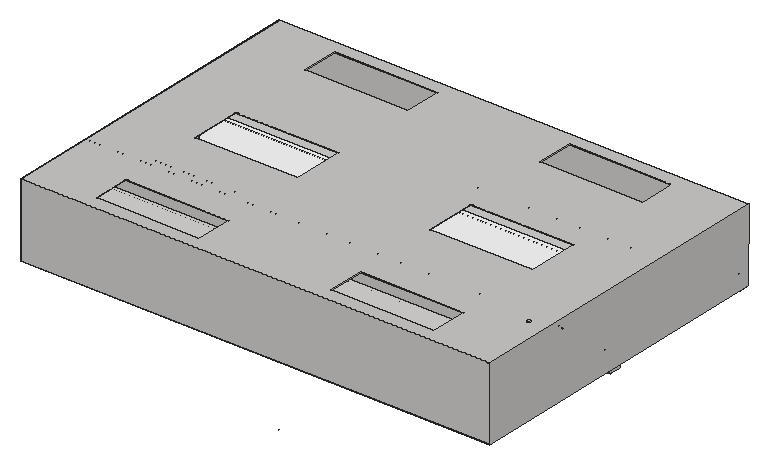
Revit family "QF_ELECTROLUXPROFESSIONAL_641269_STCF2232", category Specialty Equipment, Revit 2014
Reference planes
  plane 1: z = 0
  plane 2 "Center (Left/Right)": x = 150
  plane 3 "LEFT": x = -1450
  plane 4 "RIGHT": x = 1750
  plane 5 "BACK": y = 550
  plane 6 "TOP": z = 2500
  plane 7 "Base": z = 2000
  plane 8: z = 1955
  plane 9: x = -1447
  plane 10 "DrainX": x = 1630
  plane 11 "AOLeft2": x = -300
  plane 12 "AORight1": x = 600
  plane 13: x = 1747
  plane 14: x = -1250
  plane 15: x = 1550
  plane 16 "Center (Front/Back)": y = -550
  plane 17 "Front": y = -1650
  plane 18 "AOLeft1": x = -1000
  plane 19 "AORight2": x = 1300
  plane 20 "EI_y": y = -1170
  plane 21 "EIx": x = 1630
  plane 22: y = 464
  plane 23: y = 214
  plane 24: y = -1564
  plane 25: y = -1314
  plane 26: y = -375
  plane 27: y = -725
Forms (mm)
  Extrusion 1, solid, material "QF_Finishes_Stainless Steel"
    sketch origin (-1450, 0, 360) x (0, 1, 0) y (0, 0, 1)
      loop
        line (550, 1640) -> (550, 2140) -> (-1650, 2140) -> (-1650, 1640) -> (550, 1640)
    from 0 to 3
  Extrusion 2, solid, material "QF_Finishes_Stainless Steel"
    sketch origin (1750, 0, 360) x (0, 1, 0) y (0, 0, 1)
      loop
        line (550, 1640) -> (550, 2140) -> (-1650, 2140) -> (-1650, 1640) -> (550, 1640)
    from 0 to -3
  Extrusion 3, solid, material "QF_Finishes_Stainless Steel"
    sketch origin (150, 0, 360) x (0, 1, 0) y (0, 0, 1)
      loop
        line (-1650, 2140) -> (-1650, 1640) -> (-1640, 1640) -> (-1640, 1640.8) -> (-1649.2, 1640.8) -> (-1649.2, 2139.19) -> (549.2, 2139.19) -> (549.2, 1640.8) -> (540, 1640.8) -> (540, 1640) -> (550, 1640) -> (550, 2140) -> (-1650, 2140)
    from -1600 to 1600
  Extrusion 4, solid, material "QF_Finishes_Stainless Steel"
    sketch origin (0, -840, 2000) x (0, 1, 0) y (-1, 0, 0)
      loop
        circle (290, -1630) r 4.763
    from -30 to 0
  Extrusion 5, void
    sketch origin (0, 0, 2500) x (0, 1, 0) y (-1, 0, 0)
      loop
        line (-1564, 300) -> (-1314, 300) -> (-1314, 1000) -> (-1564, 1000) -> (-1564, 300)
    from 0 to -10
  Extrusion 6, solid, material "QF_Finishes_Stainless Steel"
    sketch origin (0, 0, 0) x (1, 0, 0) y (0, 1, 0)
      loop
        line (-1450, 550) -> (-1450, 549) -> (-1449, 549) -> (-1449, 550) -> (-1450, 550)
    from 0 to 1
  Sweep 7, solid, material "QF_Finishes_Stainless Steel"
    path origin (0, 0, 0) x (1, 0, 0) y (0, 1, 0)
      loop
        line (1750, 550) -> (-1450, 550) -> (-1450, -1650) -> (1750, -1650) -> (1750, 550)
    profile origin (1750, -550, 0) x (1, 0, 0) y (0, 0, 1)
      loop
        line (-3, 2000) -> (-3, 2000.8) -> (-19, 2000.8) -> (-19, 2010) -> (-20, 2010) -> (-20, 2000) -> (-3, 2000)
  Extrusion 8, solid, material "QF_Finishes_Stainless Steel"
    sketch origin (150, -636.588, -19.176) x (0, 0.995194, 0.097925) y (0, -0.097925, 0.995194)
      loop
        line (214.66, 2095.469) -> (240.643, 2110.471) -> (61.744, 2411.771) -> (35.948, 2396.455) -> (214.66, 2095.469)
    from -1597 to -1400
  Extrusion 9, void
    sketch origin (1134.605, 0, 2500) x (0, 1, 0) y (-1, 0, 0)
      loop
        line (-1564, -165.395) -> (-1314, -165.395) -> (-1314, 534.605) -> (-1564, 534.605) -> (-1564, -165.395)
    from 0 to -10
  Extrusion 10, solid, material "QF_Finishes_Stainless Steel"
    sketch origin (1630, -840, 0) x (0, 1, 0) y (0, 0, 1)
      loop
        line (339, 2000) -> (241, 2000) -> (241, 1989) -> (248.5, 1989) -> (248.5, 1965)
        arc (248.5, 1965) -> (251.429, 1957.929) -> (258.5, 1955) r 10
        line (258.5, 1955) -> (321.5, 1955)
        arc (321.5, 1955) -> (328.571, 1957.929) -> (331.5, 1965) r 10
        line (331.5, 1965) -> (331.5, 1989) -> (339, 1989) -> (339, 2000)
    from 90 to -90
  Extrusion 11, solid, material "QF_Finishes_Stainless Steel"
    sketch origin (150, -636.588, -19.176) x (0, 0.995194, 0.097925) y (0, -0.097925, 0.995194)
      loop
        line (214.66, 2095.469) -> (240.643, 2110.471) -> (61.744, 2411.771) -> (35.948, 2396.455) -> (214.66, 2095.469)
    from 1400 to 1597
  Extrusion 12, solid, material "QF_Finished_Chrome"
    sketch origin (150, -636.588, -19.176) x (0, 0.995194, 0.097925) y (0, -0.097925, 0.995194)
      loop
        line (214.66, 2095.469) -> (240.643, 2110.471) -> (61.744, 2411.771) -> (35.948, 2396.455) -> (214.66, 2095.469)
    from -1400 to 1400
  Extrusion 13, void
    sketch origin (0, 1180, 2500) x (0, 1, 0) y (-1, 0, 0)
      loop
        line (-1555, 300) -> (-1555, 1000) -> (-1905, 1000) -> (-1905, 300) -> (-1555, 300)
    from 0 to -10
  Extrusion 14, void
    sketch origin (1600, 1180, 2500) x (0, 1, 0) y (-1, 0, 0)
      loop
        line (-1555, 300) -> (-1555, 1000) -> (-1905, 1000) -> (-1905, 300) -> (-1555, 300)
    from 0 to -10
  Extrusion 15, solid, material "QF_Finishes_Stainless Steel"
    sketch origin (0, 0, 2500) x (0, 1, 0) y (-1, 0, 0)
      loop
        circle (-1170, -1630) r 10
    from 0 to 1.6
  Extrusion 16, solid, material "QF_LAMPS"
    sketch origin (150, -267.149, 218.369) x (0, 0.987229, -0.159309) y (0, 0.159309, 0.987229)
      loop
        line (-1250.105, 1928.62) -> (-1096.231, 2053.226) -> (-1104.529, 2063.269) -> (-1258.575, 1938.524) -> (-1250.105, 1928.62)
    from 1597 to -1597
  Extrusion 17, solid, material "QF_Finishes_Stainless Steel"
    sketch origin (150, 0, 360) x (0, 1, 0) y (0, 0, 1)
      loop
        line (-1650, 2139.19) -> (-1650, 1640) -> (-1586.602, 1640) -> (-1499.146, 1690.493) -> (-1510.058, 1709.394) -> (-1566.564, 1676.77) -> (-1614.704, 1680.982) -> (-1649.2, 1730.248) -> (-1649.2, 2139.19) -> (-1650, 2139.19)
      loop
        line (-1194.054, 1961.505) -> (-1200.838, 1972.631) -> (-1186.477, 1980.7) -> (-1186.477, 2127.391) -> (-1085.664, 2127.391) -> (-1029.871, 2072.95) -> (-1022.281, 2060.013) -> (-919.435, 2120.351) -> (-919.902, 2121.003) -> (-1021.996, 2061.107) -> (-1029.236, 2073.448) -> (-1085.338, 2128.191) -> (-1187.277, 2128.191) -> (-1187.277, 1982.446) -> (-1586.208, 1744.533) -> (-1576.362, 1728.386) -> (-1194.054, 1961.505)
    from -1597 to 1597
  Extrusion 18, void
    sketch origin (0, 814, 2500) x (0, 1, 0) y (-1, 0, 0)
      loop
        line (-600, 300) -> (-350, 300) -> (-350, 1000) -> (-600, 1000) -> (-600, 300)
    from 0 to -10
  Extrusion 19, void
    sketch origin (1134.605, 814, 2500) x (0, 1, 0) y (-1, 0, 0)
      loop
        line (-600, -165.395) -> (-350, -165.395) -> (-350, 534.605) -> (-600, 534.605) -> (-600, -165.395)
    from 0 to -10
  Extrusion 20, solid, material "QF_Finishes_Stainless Steel"
    sketch origin (150, 0, 0) x (0, 1, 0) y (0, 0, 1)
      loop
        line (-628.158, 2087.242) -> (-603.769, 2104.716) -> (-811.314, 2387.05) -> (-835.486, 2369.281) -> (-628.158, 2087.242)
    from -1597 to -1400
  Extrusion 21, solid, material "QF_Finished_Chrome"
    sketch origin (150, 0, 0) x (0, 1, 0) y (0, 0, 1)
      loop
        line (-628.158, 2087.242) -> (-603.769, 2104.716) -> (-811.314, 2387.05) -> (-835.486, 2369.281) -> (-628.158, 2087.242)
    from -1400 to 1400
  Extrusion 22, solid, material "QF_Finishes_Stainless Steel"
    sketch origin (150, -870.88, 319.508) x (0, 0.995194, 0.097925) y (0, -0.097925, 0.995194)
      loop
        line (426.151, 1646.675) -> (483.9, 1640.993) -> (483.982, 1641.83) -> (426.613, 1647.475) -> (371.906, 1742.23) -> (414.858, 1734.657) -> (442.266, 1750.481) -> (442.266, 1765.943) -> (441.466, 1765.943) -> (441.466, 1750.943) -> (414.709, 1735.495) -> (321.153, 1751.991) -> (320.875, 1750.416) -> (371.4, 1741.507) -> (426.151, 1646.675)
      loop
        line (162.878, 2155.907) -> (242.893, 2017.316) -> (245.133, 2018.715) -> (240.13, 2027.381) -> (238.569, 2026.405) -> (163.571, 2156.307) -> (162.878, 2155.907)
    from -1597 to 1597
  Extrusion 23, solid, material "QF_Finishes_Stainless Steel"
    sketch origin (150, -463.412, -19.176) x (0, -0.995194, 0.097925) y (0, -0.097925, -0.995194)
      loop
        line (214.66, -2095.469) -> (35.948, -2396.455) -> (61.744, -2411.771) -> (240.643, -2110.471) -> (214.66, -2095.469)
    from 1400 to 1597
  Extrusion 24, solid, material "QF_Finishes_Stainless Steel"
    sketch origin (150, 0, 0) x (0, 1, 0) y (0, 0, 1)
      loop
        line (-471.842, 2087.242) -> (-264.514, 2369.281) -> (-288.686, 2387.05) -> (-496.231, 2104.716) -> (-471.842, 2087.242)
    from -1597 to -1400
  Extrusion 25, solid, material "QF_Finished_Chrome"
    sketch origin (150, 0, 0) x (0, 1, 0) y (0, 0, 1)
      loop
        line (-471.842, 2087.242) -> (-264.514, 2369.281) -> (-288.686, 2387.05) -> (-496.231, 2104.716) -> (-471.842, 2087.242)
    from -1400 to 1400
  Extrusion 26, solid, material "QF_Finishes_Stainless Steel"
    sketch origin (150, -229.12, 319.508) x (0, -0.995194, 0.097925) y (0, -0.097925, -0.995194)
      loop
        line (426.151, -1646.675) -> (371.4, -1741.507) -> (320.875, -1750.416) -> (321.153, -1751.991) -> (414.709, -1735.495) -> (441.466, -1750.943) -> (441.466, -1765.943) -> (442.266, -1765.943) -> (442.266, -1750.481) -> (414.858, -1734.657) -> (371.906, -1742.23) -> (426.613, -1647.475) -> (483.982, -1641.83) -> (483.9, -1640.993) -> (426.151, -1646.675)
      loop
        line (162.878, -2155.907) -> (163.571, -2156.307) -> (238.569, -2026.405) -> (240.13, -2027.381) -> (245.133, -2018.715) -> (242.893, -2017.316) -> (162.878, -2155.907)
    from -1597 to 1597
  Extrusion 27, solid, material "QF_LAMPS"
    sketch origin (150, -832.851, 218.369) x (0, -0.987229, -0.159309) y (0, 0.159309, -0.987229)
      loop
        line (-1250.105, -1928.62) -> (-1258.575, -1938.524) -> (-1104.529, -2063.269) -> (-1096.231, -2053.226) -> (-1250.105, -1928.62)
    from 1597 to -1597
  Extrusion 28, solid, material "QF_Finishes_Stainless Steel"
    sketch origin (150, -1100, 360) x (0, -1, 0) y (0, 0, -1)
      loop
        line (-1650, -2139.19) -> (-1649.2, -2139.19) -> (-1649.2, -1730.248) -> (-1614.704, -1680.982) -> (-1566.564, -1676.77) -> (-1510.058, -1709.394) -> (-1499.146, -1690.493) -> (-1586.602, -1640) -> (-1650, -1640) -> (-1650, -2139.19)
      loop
        line (-1194.054, -1961.505) -> (-1576.362, -1728.386) -> (-1586.208, -1744.533) -> (-1187.277, -1982.446) -> (-1187.277, -2128.191) -> (-1085.338, -2128.191) -> (-1029.236, -2073.448) -> (-1021.996, -2061.107) -> (-919.902, -2121.003) -> (-919.435, -2120.351) -> (-1022.281, -2060.013) -> (-1029.871, -2072.95) -> (-1085.664, -2127.391) -> (-1186.477, -2127.391) -> (-1186.477, -1980.7) -> (-1200.838, -1972.631) -> (-1194.054, -1961.505)
    from -1597 to 1597
Cuts and joins
  Extrusion 5, Extrusion 9, Extrusion 13, Extrusion 14, Extrusion 18, Extrusion 19 cuts Extrusion 3
  joined: Extrusion 2, Extrusion 3, Sweep 7
Lines and regions (mm)
  symbolic lines, style "SpecialityEquipment", detail levels coarse
    curve 1: line (1750, 550, 2500) -> (-1450, 550, 2500)
    curve 2: line (-1450, 550, 2500) -> (-1450, -1650, 2500)
    curve 3: line (1750, -1650, 2500) -> (1750, 550, 2500)
    curve 4: line (-1450, 550, 0) -> (1750, -1650, 0)
    curve 5: line (1750, 550, 0) -> (-1450, -1650, 0)
    curve 6: line (-1450, -1650, 0) -> (1750, -1650, 0)
  symbolic lines, detail levels coarse
    curve 7: line (-1000, 464, 2500) -> (-300, 464, 2500)
    curve 8: line (-1000, 214, 2500) -> (-1000, 464, 2500)
    curve 9: line (-300, 214, 2500) -> (-1000, 214, 2500)
    curve 10: line (-300, 464, 2500) -> (-300, 214, 2500)
    curve 11: line (600, 464, 2500) -> (1300, 464, 2500)
    curve 12: line (600, 214, 2500) -> (600, 464, 2500)
    curve 13: line (1300, 214, 2500) -> (600, 214, 2500)
    curve 14: line (1300, 464, 2500) -> (1300, 214, 2500)
    curve 15: line (-1000, -375, 2500) -> (-300, -375, 2500)
    curve 16: line (-1000, -725, 2500) -> (-1000, -375, 2500)
    curve 17: line (-300, -725, 2500) -> (-1000, -725, 2500)
    curve 18: line (-300, -375, 2500) -> (-300, -725, 2500)
    curve 19: line (600, -375, 2500) -> (1300, -375, 2500)
    curve 20: line (600, -725, 2500) -> (600, -375, 2500)
    curve 21: line (1300, -725, 2500) -> (600, -725, 2500)
    curve 22: line (1300, -375, 2500) -> (1300, -725, 2500)
    curve 23: line (-1000, -1314, 2500) -> (-300, -1314, 2500)
    curve 24: line (-1000, -1564, 2500) -> (-1000, -1314, 2500)
    curve 25: line (-300, -1564, 2500) -> (-1000, -1564, 2500)
    curve 26: line (-300, -1314, 2500) -> (-300, -1564, 2500)
    curve 27: line (600, -1314, 2500) -> (1300, -1314, 2500)
    curve 28: line (600, -1564, 2500) -> (600, -1314, 2500)
    curve 29: line (1300, -1564, 2500) -> (600, -1564, 2500)
    curve 30: line (1300, -1314, 2500) -> (1300, -1564, 2500)
Dimensions and locks
  plane 3 "LEFT" to plane 4 "RIGHT" = 3200 mm
  equal spacing: plane 3 "LEFT", plane 2 "Center (Left/Right)", plane 4 "RIGHT"
  plane 7 "Base" to plane 8 = 45 mm
  plane 3 "LEFT" to plane 9 = 3 mm
  plane 10 "DrainX" to plane 4 "RIGHT" = 120 mm
  plane 13 to plane 4 "RIGHT" = 3 mm
  plane 3 "LEFT" to plane 14 = 200 mm
  plane 15 to plane 4 "RIGHT" = 200 mm
  locked: plane 11 "AOLeft2" to plane 12 "AORight1" at 900
  equal spacing: plane 11 "AOLeft2", plane 2 "Center (Left/Right)", plane 12 "AORight1"
  locked: plane 7 "Base" to level at 2000
  locked: plane 6 "TOP" to plane 7 "Base" at 500
  locked: plane 18 "AOLeft1" to plane 11 "AOLeft2" at 700
  locked: plane 12 "AORight1" to plane 19 "AORight2" at 700
  locked: plane 20 "EI_y" to plane 17 "Front" at 480
  locked: plane 21 "EIx" to plane 4 "RIGHT" at 120
  locked: plane 5 "BACK" to plane 22 at 86
  plane 22 to plane 23 = 250 mm
  locked: plane 24 to plane 17 "Front" at 86
  locked: plane 24 to plane 25 at 250
  plane 26 to plane 16 "Center (Front/Back)" = 175 mm
  plane 16 "Center (Front/Back)" to plane 27 = 175 mm
  plane 26 to plane 27 = 350 mm
  locked: plane 5 "BACK" to plane 17 "Front" at 2200
  plane 5 "BACK" to plane 16 "Center (Front/Back)" to plane 17 "Front" = 1100 mm, 1100 mm
  plane 5 "BACK" to plane 17 "Front" = 2200 mm
  aligned and locked: level to plane 1
  aligned and locked: plane 4 "RIGHT" to Extrusion 3
  aligned and locked: Extrusion 3 to plane 3 "LEFT"
  aligned and locked: Extrusion 2 to plane 13
  aligned and locked: Extrusion 8 to plane 9
  aligned and locked: plane 18 "AOLeft1" to Extrusion 5
  aligned and locked: Extrusion 5 to plane 11 "AOLeft2"
  aligned and locked: Extrusion 9 to plane 19 "AORight2"
  aligned and locked: plane 12 "AORight1" to Extrusion 9
  aligned and locked: plane 14 to Extrusion 8
  aligned and locked: plane 15 to Extrusion 11
  aligned and locked: plane 13 to Extrusion 11
  aligned and locked: Extrusion 12 to plane 14
  aligned and locked: Extrusion 12 to plane 15
  aligned and locked: plane 12 "AORight1" to Extrusion 14
  aligned and locked: plane 19 "AORight2" to Extrusion 14
  aligned and locked: Extrusion 13 to plane 18 "AOLeft1"
  aligned and locked: Extrusion 13 to plane 11 "AOLeft2"
  aligned and locked: plane 24 to Extrusion 5
  aligned and locked: Extrusion 5 to plane 25
  aligned and locked: Extrusion 9 to plane 25
  aligned and locked: plane 24 to Extrusion 9
  aligned and locked: Extrusion 18 to plane 18 "AOLeft1"
  aligned and locked: Extrusion 18 to plane 11 "AOLeft2"
  aligned and locked: plane 12 "AORight1" to Extrusion 19
  aligned and locked: plane 19 "AORight2" to Extrusion 19
  aligned and locked: plane 26 to Extrusion 13
  aligned and locked: Extrusion 13 to plane 27
  aligned and locked: plane 26 to Extrusion 14
  aligned and locked: Extrusion 14 to plane 27
  aligned and locked: plane 22 to Extrusion 18
  aligned and locked: Extrusion 18 to plane 23
  aligned and locked: plane 22 to Extrusion 19
  aligned and locked: Extrusion 19 to plane 23
  aligned and locked: Extrusion 17 to plane 9
  aligned and locked: Extrusion 16 to plane 9
  aligned and locked: Extrusion 16 to plane 13
  aligned and locked: Extrusion 17 to plane 13
  aligned and locked: Extrusion 28 to plane 9
  aligned and locked: Extrusion 27 to plane 9
  aligned and locked: Extrusion 26 to plane 9
  aligned and locked: plane 9 to Extrusion 20
  aligned and locked: Extrusion 22 to plane 9
  aligned and locked: plane 14 to Extrusion 20
  aligned and locked: Extrusion 25 to plane 14
  aligned and locked: plane 13 to Extrusion 22
  aligned and locked: plane 13 to Extrusion 26
  aligned and locked: plane 13 to Extrusion 28
  aligned and locked: Extrusion 23 to plane 13
  aligned and locked: plane 13 to Extrusion 27
  aligned and locked: Extrusion 21 to plane 14
  aligned and locked: Extrusion 21 to plane 15
  aligned and locked: plane 15 to Extrusion 23
  aligned and locked: Extrusion 25 to plane 15
  aligned and locked: plane 14 to Extrusion 24
  aligned and locked: Extrusion 24 to plane 9
Automatic sketch dimensions
  curve 6 to plane 3 "LEFT" = 0 mm
  curve 4 to plane 3 "LEFT" = 0 mm
  curve 5 to plane 4 "RIGHT" = 0 mm
  curve 6 to plane 4 "RIGHT" = 0 mm
  curve 4 to plane 17 "Front" = 0 mm
  curve 5 to plane 5 "BACK" = 0 mm
  curve 4 to plane 5 "BACK" = 0 mm
  Extrusion 1 sketch curve to plane 7 "Base" = 0 mm
  Extrusion 1 sketch curve to plane 17 "Front" = 0 mm
  Extrusion 1 sketch curve to plane 5 "BACK" = 0 mm
  Extrusion 1 sketch curve to plane 6 "TOP" = 0 mm
  Extrusion 2 sketch curve to plane 7 "Base" = 0 mm
  Extrusion 2 sketch curve to plane 17 "Front" = 0 mm
  Extrusion 2 sketch curve to plane 5 "BACK" = 0 mm
  Extrusion 2 sketch curve to plane 6 "TOP" = 0 mm
  Extrusion 3 sketch curve to plane 6 "TOP" = 0 mm
  Extrusion 3 sketch curve to plane 17 "Front" = 0 mm
  Extrusion 3 sketch curve to plane 7 "Base" = 0 mm  (x2)
  Extrusion 3 sketch curve to plane 5 "BACK" = 0 mm
  plane 17 "Front" to Extrusion 3 sketch curve = 0.8 mm
  Extrusion 3 sketch curve to Extrusion 3 sketch curve = 9.2 mm
  plane 7 "Base" to Extrusion 3 sketch curve = 0.8 mm  (x2)
  Extrusion 3 sketch curve to plane 5 "BACK" = 10 mm
  Extrusion 3 sketch curve to plane 5 "BACK" = 0.8 mm
  Extrusion 3 sketch curve to plane 6 "TOP" = 0.81 mm
  Extrusion 4 sketch curve to plane 10 "DrainX" = 0 mm
  Extrusion 4 sketch curve to plane 16 "Center (Front/Back)" = 0 mm
  Extrusion 5 sketch curve to plane 18 "AOLeft1" = 0 mm
  plane 24 to Extrusion 5 sketch curve = 0 mm
  Extrusion 5 sketch curve to plane 11 "AOLeft2" = 0 mm
  plane 25 to Extrusion 5 sketch curve = 0 mm
  Extrusion 6 sketch curve to plane 3 "LEFT" = 0 mm
  Extrusion 6 sketch curve to plane 5 "BACK" = 0 mm
  plane 3 "LEFT" to Extrusion 6 sketch curve = 1 mm
  Extrusion 6 sketch curve to Extrusion 6 sketch curve = 1 mm
  Sweep 7 sketch curve to plane 3 "LEFT" = 0 mm
  Sweep 7 sketch curve to plane 4 "RIGHT" = 0 mm
  Sweep 7 sketch curve to plane 17 "Front" = 0 mm
  Sweep 7 sketch curve to plane 5 "BACK" = 0 mm
  profile plane to Sweep 7 sketch curve = 20 mm
  Sweep 7 sketch curve to Sweep 7 sketch curve = 1 mm
  profile plane to Sweep 7 sketch curve = 3 mm
  level to Sweep 7 sketch curve = 2000 mm
  Sweep 7 sketch curve to Sweep 7 sketch curve = 0.8 mm
  Sweep 7 sketch curve to Sweep 7 sketch curve = 9.2 mm
  Extrusion 8 sketch curve to plane 27 = 110.486 mm
  Extrusion 8 sketch curve to plane 6 "TOP" = 130.719 mm
  Extrusion 8 sketch curve to Extrusion 8 sketch curve = 25.795 mm
  Extrusion 8 sketch curve to Extrusion 8 sketch curve = 178.712 mm
  Extrusion 8 sketch curve to Extrusion 8 sketch curve = 25.983 mm
  Extrusion 8 sketch curve to Extrusion 8 sketch curve = 285.985 mm
  Extrusion 8 sketch curve to Extrusion 8 sketch curve = 15.001 mm
  Extrusion 8 sketch curve to Extrusion 8 sketch curve = 15.316 mm
  Extrusion 9 sketch curve to plane 12 "AORight1" = 0 mm
  plane 24 to Extrusion 9 sketch curve = 0 mm
  Extrusion 9 sketch curve to plane 19 "AORight2" = 0 mm
  plane 25 to Extrusion 9 sketch curve = 0 mm
  Extrusion 10 sketch curve to plane 8 = 0 mm
  Extrusion 10 sketch curve to plane 7 "Base" = 11 mm  (x2)
  Extrusion 10 sketch curve to plane 16 "Center (Front/Back)" = 49 mm
  Extrusion 10 sketch curve to Extrusion 10 sketch curve = 7.5 mm  (x2)
  plane 8 to Extrusion 10 sketch curve = 10 mm
  plane 16 "Center (Front/Back)" to Extrusion 10 sketch curve = 31.5 mm
  Extrusion 10 sketch curve to Extrusion 10 sketch curve = 10 mm
  plane 7 "Base" to Extrusion 10 sketch curve = 0 mm
  Extrusion 11 sketch curve to plane 27 = 110.486 mm
  Extrusion 11 sketch curve to plane 6 "TOP" = 130.719 mm
  Extrusion 11 sketch curve to Extrusion 11 sketch curve = 25.795 mm
  Extrusion 11 sketch curve to Extrusion 11 sketch curve = 178.712 mm
  Extrusion 11 sketch curve to Extrusion 11 sketch curve = 25.983 mm
  Extrusion 11 sketch curve to Extrusion 11 sketch curve = 285.985 mm
  Extrusion 11 sketch curve to Extrusion 11 sketch curve = 15.001 mm
  Extrusion 11 sketch curve to Extrusion 11 sketch curve = 15.316 mm
  Extrusion 12 sketch curve to plane 27 = 110.486 mm
  Extrusion 12 sketch curve to plane 6 "TOP" = 130.719 mm
  Extrusion 12 sketch curve to Extrusion 12 sketch curve = 25.795 mm
  Extrusion 12 sketch curve to Extrusion 12 sketch curve = 178.712 mm
  Extrusion 12 sketch curve to Extrusion 12 sketch curve = 25.983 mm
  Extrusion 12 sketch curve to Extrusion 12 sketch curve = 285.985 mm
  Extrusion 12 sketch curve to Extrusion 12 sketch curve = 15.001 mm
  Extrusion 12 sketch curve to Extrusion 12 sketch curve = 15.316 mm
  Extrusion 13 sketch curve to plane 11 "AOLeft2" = 0 mm
  Extrusion 13 sketch curve to plane 27 = 0 mm
  Extrusion 13 sketch curve to plane 26 = 0 mm
  Extrusion 13 sketch curve to plane 18 "AOLeft1" = 0 mm
  Extrusion 14 sketch curve to plane 19 "AORight2" = 0 mm
  Extrusion 14 sketch curve to plane 27 = 0 mm
  Extrusion 14 sketch curve to plane 26 = 0 mm
  Extrusion 14 sketch curve to plane 12 "AORight1" = 0 mm
  Extrusion 15 sketch curve to plane 20 "EI_y" = 0 mm
  Extrusion 15 sketch curve to plane 21 "EIx" = 0 mm
  Extrusion 16 sketch curve to plane 20 "EI_y" = 30.826 mm
  Extrusion 16 sketch curve to plane 6 "TOP" = 167.362 mm
  Extrusion 16 sketch curve to Extrusion 16 sketch curve = 8.47 mm
  Extrusion 16 sketch curve to Extrusion 16 sketch curve = 154.047 mm
  Extrusion 16 sketch curve to Extrusion 16 sketch curve = 8.298 mm
  Extrusion 16 sketch curve to Extrusion 16 sketch curve = 9.904 mm
  Extrusion 16 sketch curve to Extrusion 16 sketch curve = 124.605 mm
  Extrusion 16 sketch curve to Extrusion 16 sketch curve = 10.043 mm
  Extrusion 17 sketch curve to plane 17 "Front" = 0 mm
  Extrusion 17 sketch curve to plane 7 "Base" = 0 mm
  plane 17 "Front" to Extrusion 17 sketch curve = 0.8 mm
  plane 17 "Front" to Extrusion 17 sketch curve = 35.296 mm
  plane 24 to Extrusion 17 sketch curve = 22.602 mm
  plane 24 to Extrusion 17 sketch curve = 22.208 mm
  plane 24 to Extrusion 17 sketch curve = 12.362 mm
  plane 24 to Extrusion 17 sketch curve = 2.564 mm
  Extrusion 17 sketch curve to plane 24 = 53.942 mm
  Extrusion 17 sketch curve to Extrusion 17 sketch curve = 10.912 mm
  Extrusion 17 sketch curve to plane 20 "EI_y" = 30.838 mm
  Extrusion 17 sketch curve to Extrusion 17 sketch curve = 6.784 mm
  Extrusion 17 sketch curve to Extrusion 17 sketch curve = 13.561 mm
  Extrusion 17 sketch curve to Extrusion 17 sketch curve = 0.8 mm  (x2)
  Extrusion 17 sketch curve to plane 6 "TOP" = 12.609 mm
  plane 20 "EI_y" to Extrusion 17 sketch curve = 84.336 mm
  Extrusion 17 sketch curve to Extrusion 17 sketch curve = 0.326 mm
  Extrusion 17 sketch curve to plane 6 "TOP" = 67.05 mm
  Extrusion 17 sketch curve to Extrusion 17 sketch curve = 55.793 mm
  Extrusion 17 sketch curve to plane 6 "TOP" = 66.552 mm
  Extrusion 17 sketch curve to Extrusion 17 sketch curve = 0.636 mm
  Extrusion 17 sketch curve to Extrusion 17 sketch curve = 7.59 mm
  Extrusion 17 sketch curve to plane 6 "TOP" = 78.893 mm
  Extrusion 17 sketch curve to Extrusion 17 sketch curve = 0.285 mm
  Extrusion 17 sketch curve to plane 6 "TOP" = 18.997 mm
  Extrusion 17 sketch curve to plane 6 "TOP" = 19.649 mm
  Extrusion 17 sketch curve to Extrusion 17 sketch curve = 0.467 mm
  plane 7 "Base" to Extrusion 17 sketch curve = 36.77 mm
  plane 7 "Base" to Extrusion 17 sketch curve = 40.982 mm
  plane 7 "Base" to Extrusion 17 sketch curve = 50.493 mm
  Extrusion 17 sketch curve to Extrusion 17 sketch curve = 18.901 mm
  Extrusion 17 sketch curve to Extrusion 17 sketch curve = 51.616 mm
  Extrusion 17 sketch curve to Extrusion 17 sketch curve = 49.266 mm
  Extrusion 17 sketch curve to Extrusion 17 sketch curve = 16.147 mm
  Extrusion 17 sketch curve to Extrusion 17 sketch curve = 165.885 mm
  Extrusion 17 sketch curve to Extrusion 17 sketch curve = 8.069 mm
  Extrusion 17 sketch curve to Extrusion 17 sketch curve = 1.746 mm
  Extrusion 17 sketch curve to Extrusion 17 sketch curve = 1.094 mm
  Extrusion 17 sketch curve to plane 6 "TOP" = 0.81 mm
  plane 18 "AOLeft1" to Extrusion 18 sketch curve = 0 mm
  Extrusion 18 sketch curve to plane 23 = 0 mm
  Extrusion 18 sketch curve to plane 11 "AOLeft2" = 0 mm
  Extrusion 18 sketch curve to plane 22 = 0 mm
  Extrusion 19 sketch curve to plane 12 "AORight1" = 0 mm
  Extrusion 19 sketch curve to plane 23 = 0 mm
  Extrusion 19 sketch curve to plane 19 "AORight2" = 0 mm
  Extrusion 19 sketch curve to plane 22 = 0 mm
  Extrusion 22 sketch curve to plane 6 "TOP" = 18.997 mm
  Extrusion 22 sketch curve to plane 27 = 194.902 mm
  Extrusion 22 sketch curve to Extrusion 22 sketch curve = 0.693 mm
  Extrusion 22 sketch curve to Extrusion 22 sketch curve = 74.998 mm
  Extrusion 22 sketch curve to Extrusion 22 sketch curve = 1.561 mm
  Extrusion 22 sketch curve to Extrusion 22 sketch curve = 4.324 mm
  Extrusion 22 sketch curve to Extrusion 22 sketch curve = 2.24 mm
  Extrusion 22 sketch curve to Extrusion 22 sketch curve = 77.982 mm
  Extrusion 22 sketch curve to Extrusion 22 sketch curve = 0.278 mm
  Extrusion 22 sketch curve to Extrusion 22 sketch curve = 50.525 mm
  Extrusion 22 sketch curve to Extrusion 22 sketch curve = 0.506 mm
  Extrusion 22 sketch curve to Extrusion 22 sketch curve = 42.803 mm
  Extrusion 22 sketch curve to Extrusion 22 sketch curve = 0.148 mm
  Extrusion 22 sketch curve to Extrusion 22 sketch curve = 11.294 mm
  Extrusion 22 sketch curve to Extrusion 22 sketch curve = 0.462 mm  (x2)
  Extrusion 22 sketch curve to Extrusion 22 sketch curve = 57.287 mm
  Extrusion 22 sketch curve to Extrusion 22 sketch curve = 0.082 mm
  Extrusion 22 sketch curve to Extrusion 22 sketch curve = 26.757 mm
  Extrusion 22 sketch curve to Extrusion 22 sketch curve = 0.8 mm
  Extrusion 22 sketch curve to Extrusion 22 sketch curve = 128.526 mm
  Extrusion 22 sketch curve to Extrusion 22 sketch curve = 0.975 mm
  Extrusion 22 sketch curve to Extrusion 22 sketch curve = 1.399 mm
  Extrusion 22 sketch curve to Extrusion 22 sketch curve = 252.773 mm
  Extrusion 22 sketch curve to Extrusion 22 sketch curve = 13.951 mm
  Extrusion 22 sketch curve to Extrusion 22 sketch curve = 15 mm
  Extrusion 22 sketch curve to Extrusion 22 sketch curve = 1.575 mm
  Extrusion 22 sketch curve to Extrusion 22 sketch curve = 0.723 mm
  Extrusion 22 sketch curve to Extrusion 22 sketch curve = 0.838 mm
  Extrusion 22 sketch curve to Extrusion 22 sketch curve = 87.182 mm
  Extrusion 22 sketch curve to Extrusion 22 sketch curve = 5.645 mm
  Extrusion 23 sketch curve to plane 26 = 110.486 mm
  plane 6 "TOP" to Extrusion 23 sketch curve = 130.719 mm
  Extrusion 23 sketch curve to Extrusion 23 sketch curve = 25.795 mm
  Extrusion 23 sketch curve to Extrusion 23 sketch curve = 178.712 mm
  Extrusion 23 sketch curve to Extrusion 23 sketch curve = 25.983 mm
  Extrusion 23 sketch curve to Extrusion 23 sketch curve = 285.985 mm
  Extrusion 23 sketch curve to Extrusion 23 sketch curve = 15.001 mm
  Extrusion 23 sketch curve to Extrusion 23 sketch curve = 15.316 mm
  Extrusion 26 sketch curve to plane 6 "TOP" = 18.997 mm
  plane 26 to Extrusion 26 sketch curve = 194.902 mm
  Extrusion 26 sketch curve to Extrusion 26 sketch curve = 0.693 mm
  Extrusion 26 sketch curve to Extrusion 26 sketch curve = 74.998 mm
  Extrusion 26 sketch curve to Extrusion 26 sketch curve = 1.561 mm
  Extrusion 26 sketch curve to Extrusion 26 sketch curve = 4.324 mm
  Extrusion 26 sketch curve to Extrusion 26 sketch curve = 2.24 mm
  Extrusion 26 sketch curve to Extrusion 26 sketch curve = 77.982 mm
  Extrusion 26 sketch curve to Extrusion 26 sketch curve = 0.278 mm
  Extrusion 26 sketch curve to Extrusion 26 sketch curve = 50.525 mm
  Extrusion 26 sketch curve to Extrusion 26 sketch curve = 0.506 mm
  Extrusion 26 sketch curve to Extrusion 26 sketch curve = 42.803 mm
  Extrusion 26 sketch curve to Extrusion 26 sketch curve = 0.148 mm
  Extrusion 26 sketch curve to Extrusion 26 sketch curve = 11.294 mm
  Extrusion 26 sketch curve to Extrusion 26 sketch curve = 0.462 mm  (x2)
  Extrusion 26 sketch curve to Extrusion 26 sketch curve = 57.287 mm
  Extrusion 26 sketch curve to Extrusion 26 sketch curve = 0.082 mm
  Extrusion 26 sketch curve to Extrusion 26 sketch curve = 26.757 mm
  Extrusion 26 sketch curve to Extrusion 26 sketch curve = 0.8 mm
  Extrusion 26 sketch curve to Extrusion 26 sketch curve = 0.4 mm
  Extrusion 26 sketch curve to Extrusion 26 sketch curve = 0.975 mm
  Extrusion 26 sketch curve to Extrusion 26 sketch curve = 1.399 mm
  Extrusion 26 sketch curve to Extrusion 26 sketch curve = 252.773 mm
  Extrusion 26 sketch curve to Extrusion 26 sketch curve = 13.951 mm
  Extrusion 26 sketch curve to Extrusion 26 sketch curve = 15 mm
  Extrusion 26 sketch curve to Extrusion 26 sketch curve = 1.575 mm
  Extrusion 26 sketch curve to Extrusion 26 sketch curve = 0.723 mm
  Extrusion 26 sketch curve to Extrusion 26 sketch curve = 0.838 mm
  Extrusion 26 sketch curve to Extrusion 26 sketch curve = 87.182 mm
  Extrusion 26 sketch curve to Extrusion 26 sketch curve = 5.645 mm
  plane 23 to Extrusion 27 sketch curve = 113.174 mm
  plane 6 "TOP" to Extrusion 27 sketch curve = 167.362 mm
  Extrusion 27 sketch curve to Extrusion 27 sketch curve = 8.47 mm
  Extrusion 27 sketch curve to Extrusion 27 sketch curve = 154.047 mm
  Extrusion 27 sketch curve to Extrusion 27 sketch curve = 8.298 mm
  Extrusion 27 sketch curve to Extrusion 27 sketch curve = 9.904 mm
  Extrusion 27 sketch curve to Extrusion 27 sketch curve = 124.605 mm
  Extrusion 27 sketch curve to Extrusion 27 sketch curve = 10.043 mm
  Extrusion 28 sketch curve to plane 5 "BACK" = 0 mm
  Extrusion 28 sketch curve to plane 7 "Base" = 0 mm
  Extrusion 28 sketch curve to Extrusion 28 sketch curve = 0.8 mm  (x3)
  plane 5 "BACK" to Extrusion 28 sketch curve = 35.296 mm
  Extrusion 28 sketch curve to plane 22 = 22.602 mm
  Extrusion 28 sketch curve to plane 22 = 22.208 mm
  Extrusion 28 sketch curve to plane 22 = 12.362 mm
  Extrusion 28 sketch curve to plane 22 = 2.564 mm
  plane 22 to Extrusion 28 sketch curve = 53.942 mm
  Extrusion 28 sketch curve to Extrusion 28 sketch curve = 10.912 mm
  plane 23 to Extrusion 28 sketch curve = 113.162 mm
  Extrusion 28 sketch curve to Extrusion 28 sketch curve = 6.784 mm
  Extrusion 28 sketch curve to Extrusion 28 sketch curve = 13.561 mm
  plane 6 "TOP" to Extrusion 28 sketch curve = 12.609 mm
  Extrusion 28 sketch curve to Extrusion 28 sketch curve = 100.813 mm
  Extrusion 28 sketch curve to Extrusion 28 sketch curve = 0.326 mm
  plane 6 "TOP" to Extrusion 28 sketch curve = 67.05 mm
  Extrusion 28 sketch curve to Extrusion 28 sketch curve = 55.793 mm
  plane 6 "TOP" to Extrusion 28 sketch curve = 66.552 mm
  Extrusion 28 sketch curve to Extrusion 28 sketch curve = 0.636 mm
  plane 6 "TOP" to Extrusion 28 sketch curve = 79.987 mm
  Extrusion 28 sketch curve to Extrusion 28 sketch curve = 7.59 mm
  plane 6 "TOP" to Extrusion 28 sketch curve = 78.893 mm
  Extrusion 28 sketch curve to Extrusion 28 sketch curve = 0.285 mm
  plane 6 "TOP" to Extrusion 28 sketch curve = 18.997 mm
  plane 6 "TOP" to Extrusion 28 sketch curve = 19.649 mm
  Extrusion 28 sketch curve to Extrusion 28 sketch curve = 0.467 mm
  Extrusion 28 sketch curve to plane 7 "Base" = 36.77 mm
  Extrusion 28 sketch curve to plane 7 "Base" = 40.982 mm
  Extrusion 28 sketch curve to plane 7 "Base" = 50.493 mm
  Extrusion 28 sketch curve to Extrusion 28 sketch curve = 18.901 mm
  Extrusion 28 sketch curve to Extrusion 28 sketch curve = 51.616 mm
  Extrusion 28 sketch curve to Extrusion 28 sketch curve = 49.266 mm
  Extrusion 28 sketch curve to Extrusion 28 sketch curve = 16.147 mm
  Extrusion 28 sketch curve to Extrusion 28 sketch curve = 165.885 mm
  Extrusion 28 sketch curve to Extrusion 28 sketch curve = 8.069 mm
  Extrusion 28 sketch curve to Extrusion 28 sketch curve = 1.746 mm
  plane 6 "TOP" to Extrusion 28 sketch curve = 0.81 mm
  Extrusion 21 sketch curve to plane 27 = 110.486 mm
  Extrusion 21 sketch curve to Extrusion 21 sketch curve = 24.172 mm
  Extrusion 21 sketch curve to plane 16 "Center (Front/Back)" = 78.158 mm
  Extrusion 21 sketch curve to Extrusion 21 sketch curve = 24.389 mm
  plane 7 "Base" to Extrusion 21 sketch curve = 87.242 mm
  Extrusion 21 sketch curve to Extrusion 21 sketch curve = 17.473 mm
  Extrusion 21 sketch curve to plane 6 "TOP" = 130.719 mm
  Extrusion 21 sketch curve to Extrusion 21 sketch curve = 17.769 mm
  Extrusion 20 sketch curve to plane 27 = 110.486 mm
  Extrusion 20 sketch curve to Extrusion 20 sketch curve = 24.172 mm
  Extrusion 20 sketch curve to plane 16 "Center (Front/Back)" = 78.158 mm
  Extrusion 20 sketch curve to Extrusion 20 sketch curve = 24.389 mm
  plane 7 "Base" to Extrusion 20 sketch curve = 87.242 mm
  Extrusion 20 sketch curve to Extrusion 20 sketch curve = 17.473 mm
  Extrusion 20 sketch curve to plane 6 "TOP" = 130.719 mm
  Extrusion 20 sketch curve to Extrusion 20 sketch curve = 17.769 mm
  plane 16 "Center (Front/Back)" to Extrusion 24 sketch curve = 53.769 mm
  Extrusion 24 sketch curve to Extrusion 24 sketch curve = 24.389 mm
  plane 26 to Extrusion 24 sketch curve = 86.314 mm
  Extrusion 24 sketch curve to Extrusion 24 sketch curve = 24.172 mm
  plane 7 "Base" to Extrusion 24 sketch curve = 87.242 mm
  Extrusion 24 sketch curve to Extrusion 24 sketch curve = 17.473 mm
  Extrusion 24 sketch curve to plane 6 "TOP" = 130.719 mm
  Extrusion 24 sketch curve to Extrusion 24 sketch curve = 17.769 mm
  plane 16 "Center (Front/Back)" to Extrusion 25 sketch curve = 53.769 mm
  Extrusion 25 sketch curve to Extrusion 25 sketch curve = 24.389 mm
  plane 26 to Extrusion 25 sketch curve = 86.314 mm
  Extrusion 25 sketch curve to Extrusion 25 sketch curve = 24.172 mm
  plane 7 "Base" to Extrusion 25 sketch curve = 87.242 mm
  Extrusion 25 sketch curve to Extrusion 25 sketch curve = 17.473 mm
  Extrusion 25 sketch curve to plane 6 "TOP" = 130.719 mm
  Extrusion 25 sketch curve to Extrusion 25 sketch curve = 17.769 mm
  curve 2 to plane 3 "LEFT" = 0 mm
  curve 2 to plane 17 "Front" = 0 mm
  curve 3 to plane 4 "RIGHT" = 0 mm
  curve 3 to plane 17 "Front" = 0 mm
  curve 29 to plane 12 "AORight1" = 0 mm
  plane 24 to curve 29 = 0 mm
  curve 25 to plane 11 "AOLeft2" = 0 mm
  plane 24 to curve 25 = 0 mm
  plane 25 to curve 26 = 0 mm
  plane 25 to curve 28 = 0 mm
  curve 22 to plane 19 "AORight2" = 0 mm
  curve 22 to plane 27 = 0 mm
  curve 18 to plane 11 "AOLeft2" = 0 mm
  curve 18 to plane 27 = 0 mm
  curve 16 to plane 18 "AOLeft1" = 0 mm
  curve 16 to plane 26 = 0 mm
  curve 19 to plane 12 "AORight1" = 0 mm
  curve 19 to plane 26 = 0 mm
  curve 13 to plane 12 "AORight1" = 0 mm
  curve 13 to plane 23 = 0 mm
  curve 9 to plane 11 "AOLeft2" = 0 mm
  curve 9 to plane 23 = 0 mm
  curve 10 to plane 22 = 0 mm
  curve 12 to plane 22 = 0 mm
  curve 2 to plane 5 "BACK" = 0 mm
  curve 27 to plane 19 "AORight2" = 0 mm
  curve 14 to plane 19 "AORight2" = 0 mm
  curve 7 to plane 18 "AOLeft1" = 0 mm
  curve 24 to plane 18 "AOLeft1" = 0 mm
  radius of Extrusion 4 sketch curve = 4.763 mm
  radius of Extrusion 15 sketch curve = 10 mm
Connectors
  piping at (1630, -550, 1970), diameter 9.5
    settings: on Extrusion 4, index 1, connector inside diameter 609.6 mm, connector length 0 mm, flow factor 0, pipe flow 0.0 L/s, pressure drop 0.0 Pa, fitting loss kfactor 0, connector angle 0.00°, fixture units 0, engagement length 0 mm, angle of deflection 0.00°, flow configuration 1, flow direction 2, fitting loss method 0, system type 16, joint type 0, gender type 0, connector reference index -1, connector utility 0, adjustable connector no, is connector primary yes, connector description "Drain"
  hvac at (-650, -1439, 2500)
    settings: on Extrusion 5, index 2, duct flow 0.0 L/s, flow factor 0, pres drop 0.0 Pa, loss coef 0, conn angle 0.00°, conn width 250 mm, conn height 700 mm, conn diameter 609.6 mm, duct sys type 1, conn prof type 1, flow config 1, flow direction 1, loss method 0, conn ref index -1, conn util no, is conn primary yes, conn desc "AIR INLET"
  hvac at (950, -1439, 2500)
    settings: on Extrusion 9, index 3, duct flow 0.0 L/s, flow factor 0, pres drop 0.0 Pa, loss coef 0, conn angle 0.00°, conn width 250 mm, conn height 700 mm, conn diameter 609.6 mm, duct sys type 1, conn prof type 1, flow config 1, flow direction 1, loss method 0, conn ref index -1, conn util no, is conn primary no, conn desc "AIR INLET"
  hvac at (-650, -550, 2500)
    settings: on Extrusion 13, index 4, duct flow 0.0 L/s, flow factor 0, pres drop 0.0 Pa, loss coef 0, conn angle 0.00°, conn width 350 mm, conn height 700 mm, conn diameter 609.6 mm, duct sys type 3, conn prof type 1, flow config 1, flow direction 2, loss method 0, conn ref index -1, conn util no, is conn primary no, conn desc "EXHAUST OUTLET"
  hvac at (950, -550, 2500)
    settings: on Extrusion 14, index 5, duct flow 0.0 L/s, flow factor 0, pres drop 0.0 Pa, loss coef 0, conn angle 0.00°, conn width 350 mm, conn height 700 mm, conn diameter 609.6 mm, duct sys type 3, conn prof type 1, flow config 1, flow direction 2, loss method 0, conn ref index -1, conn util no, is conn primary no, conn desc "EXHAUST OUTLET"
  electrical at (1630, -1170, 2501.6)
    settings: on Extrusion 15, index 6, voltage 0 V, apparent load 0 VA, apparent load phase1 0 VA, apparent load phase2 0 VA, apparent load phase3 0 VA, power factor 1, load classification "Other", number of poles 1, system type 30, power factor state 1, is connector primary yes, connector utility no, sub classification motor no, connector description "Electrical Connection"
  hvac at (-650, 339, 2500)
    settings: on Extrusion 18, index 7, duct flow 0.0 L/s, flow factor 0, pres drop 0.0 Pa, loss coef 0, conn angle 0.00°, conn width 250 mm, conn height 700 mm, conn diameter 609.6 mm, duct sys type 1, conn prof type 1, flow config 1, flow direction 1, loss method 0, conn ref index -1, conn util no, is conn primary no, conn desc "AIR INLET"
  hvac at (950, 339, 2500)
    settings: on Extrusion 19, index 8, duct flow 0.0 L/s, flow factor 0, pres drop 0.0 Pa, loss coef 0, conn angle 0.00°, conn width 250 mm, conn height 700 mm, conn diameter 609.6 mm, duct sys type 1, conn prof type 1, flow config 1, flow direction 1, loss method 0, conn ref index -1, conn util no, is conn primary no, conn desc "AIR INLET"
